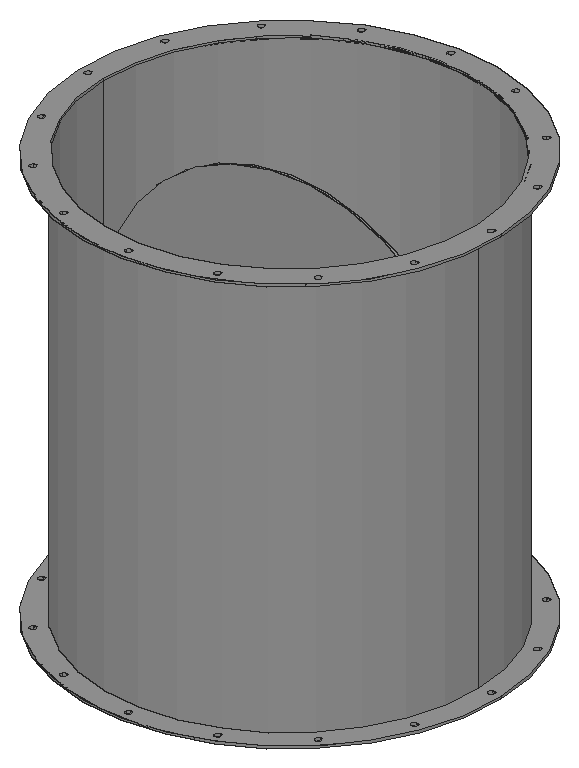
Revit family "VRV1-AF", category Арматура воздуховодов, Revit 2021
Family settings
  Размер круглого соединителя = Использовать диаметр
  Тип детали = Присоединяется
  На основе рабочей плоскости = Нет
  Всегда вертикально = Да
  При загрузке вырезать с полостями = Нет
  Общий = Нет
Parameters (values of type "VRV1-AF-900")
  Weight = 53.70 kg
  Load Classification = "HVAC"  # constant formula
  Length = L  # 1000 mm
  E1 = 830 mm
  Diameter = D2  # 1015 mm
  Отметка по умолчанию = 0 mm
  Casing Material = Metal, painted, grey, matt RAL 7040
  Manufacturer = "BLAUBERG "  # constant formula
  t = L - 5 mm  # 995 mm
  n = 16
  l = L / 2  # 500 mm
  d = 15 mm
  URL = ""
  R1 = D1 / 2  # 485 mm
  Maintenance zone material = none
  L = 1000 mm
  Dy = 900 mm
  Dn = Dy + 10 mm  # 910 mm
  D2 = 1015 mm
  D1 = 970 mm
  A = 1135 mm
  09_System_Name [instance] = ""
  00_20_Type = "VRV1-AF-900"
  00_20_Name = "Backdraft damper"  # constant formula
  00_20_Manufacturer = "BLAUBERG"  # constant formula
Types (12, lengths in mm): name | Weight | Length | Diameter | t | n | l | d | R1 | L | Dy | Dn | D2 | D1 | 00_20_Type
  (no name) | 53.70 kg | 1000 | 1015 | 995 | 16 | 500 | 15 | 485 | 1000 | 900 | 910 | 1015 | 970 | "VRV1-AF-900"
  VRV1-AF-400 | 8.10 kg | 500 | 490 | 495 | 12 | 250 | 8 | 225.045 | 500 | 400 | 410 | 490 | 450.09 | "VRV1-AF-400"
  VRV1-AF-450 | 9.80 kg | 550 | 540 | 545 | 12 | 275 | 8 | 250 | 550 | 450 | 460 | 540 | 500 | "VRV1-AF-450"
  VRV1-AF-500 | 14.40 kg | 600 | 600 | 595 | 12 | 300 | 12 | 280 | 600 | 500 | 510 | 600 | 560 | "VRV1-AF-500"
  VRV1-AF-560 | 17.50 kg | 660 | 660 | 655 | 12 | 330 | 12 | 310 | 660 | 560 | 570 | 660 | 620 | "VRV1-AF-560"
  VRV1-AF-630 | 21.40 kg | 730 | 730 | 725 | 12 | 365 | 12 | 345 | 730 | 630 | 640 | 730 | 690 | "VRV1-AF-630"
  VRV1-AF-710 | 26.80 kg | 810 | 810 | 805 | 16 | 405 | 12 | 385 | 810 | 710 | 720 | 810 | 770 | "VRV1-AF-710"
  VRV1-AF-800 | 33.20 kg | 900 | 900 | 895 | 16 | 450 | 12 | 430 | 900 | 800 | 810 | 900 | 860 | "VRV1-AF-800"
  VRV1-AF-900 | 53.70 kg | 1000 | 1015 | 995 | 16 | 500 | 15 | 485 | 1000 | 900 | 910 | 1015 | 970 | "VRV1-AF-900"
  VRV1-AF-1000 | 65.00 kg | 1100 | 1115 | 1095 | 16 | 550 | 15 | 535 | 1100 | 1000 | 1010 | 1115 | 1070 | "VRV1-AF-1000"
  VRV1-AF-1120 | 82.10 kg | 1220 | 1270 | 1215 | 20 | 610 | 15 | 595 | 1220 | 1120 | 1130 | 1270 | 1190 | "VRV1-AF-1120"
  VRV1-AF-1250 | 100.30 kg | 1350 | 1400 | 1345 | 20 | 675 | 15 | 660 | 1350 | 1250 | 1260 | 1400 | 1320 | "VRV1-AF-1250"
Reference planes
  plane 1 "По центру (Вперед/Назад)": y = 0
  plane 2: z = 0
  plane 3 "По центру (Влево/Вправо)": x = 0
  plane 4: z = 1000
Forms (mm)
  Extrusion 1, solid, material "Metal, painted, grey, matt RAL 7040" <- "Casing Material"
    sketch origin (0, 0, 0) x (1, 0, 0) y (0, 1, 0)
      loop
        circle (0, 0) r 450
      loop
        circle (0, 0) r 507.5
    from 0 to 5
  Extrusion 2, void
    sketch origin (0, 263.787, 0) x (1, 0, 0) y (0, 1, 0)
      loop
        circle (0, 221.213) r 7.5
    from 0 to 5
  Extrusion 3, void
    sketch origin (100.947, 243.708, 0) x (0.92388, -0.382683, 0) y (0.382683, 0.92388, 0)
      loop
        circle (0, 221.213) r 7.5
    from 0 to 5
  Extrusion 4, void
    sketch origin (-100.947, 243.708, 0) x (0.92388, 0.382683, 0) y (-0.382683, 0.92388, 0)
      loop
        circle (0, 221.213) r 7.5
    from 0 to 5
  Extrusion 5, void
    sketch origin (-186.526, 186.526, 0) x (0.707107, 0.707107, 0) y (-0.707107, 0.707107, 0)
      loop
        circle (0, 221.213) r 7.5
    from 0 to 5
  Extrusion 6, void
    sketch origin (-243.708, 100.947, 0) x (0.382683, 0.92388, 0) y (-0.92388, 0.382683, 0)
      loop
        circle (0, 221.213) r 7.5
    from 0 to 5
  Extrusion 7, void
    sketch origin (-263.787, 0, 0) x (0, 1, 0) y (-1, 0, 0)
      loop
        circle (0, 221.213) r 7.5
    from 0 to 5
  Extrusion 8, void
    sketch origin (-243.708, -100.947, 0) x (-0.382683, 0.92388, 0) y (-0.92388, -0.382683, 0)
      loop
        circle (0, 221.213) r 7.5
    from 0 to 5
  Extrusion 9, void
    sketch origin (-186.526, -186.526, 0) x (-0.707107, 0.707107, 0) y (-0.707107, -0.707107, 0)
      loop
        circle (0, 221.213) r 7.5
    from 0 to 5
  Extrusion 10, void
    sketch origin (-100.947, -243.708, 0) x (-0.92388, 0.382683, 0) y (-0.382683, -0.92388, 0)
      loop
        circle (0, 221.213) r 7.5
    from 0 to 5
  Extrusion 11, void
    sketch origin (0, -263.787, 0) x (-1, 0, 0) y (0, -1, 0)
      loop
        circle (0, 221.213) r 7.5
    from 0 to 5
  Extrusion 12, void
    sketch origin (100.947, -243.708, 0) x (-0.92388, -0.382683, 0) y (0.382683, -0.92388, 0)
      loop
        circle (0, 221.213) r 7.5
    from 0 to 5
  Extrusion 13, void
    sketch origin (186.526, -186.526, 0) x (-0.707107, -0.707107, 0) y (0.707107, -0.707107, 0)
      loop
        circle (0, 221.213) r 7.5
    from 0 to 5
  Extrusion 14, solid, material "Metal, painted, grey, matt RAL 7040" <- "Casing Material"
    sketch origin (0, 0, 0) x (1, 0, 0) y (0, 1, 0)
      loop
        circle (0, 0) r 450
      loop
        circle (0, 0) r 455
    from 5 to 995 <- "t"
  Extrusion 15, solid, material "Metal, painted, grey, matt RAL 7040" <- "Casing Material"
    sketch origin (0, 0, 0) x (1, 0, 0) y (0, 1, 0)
      loop
        circle (0, 0) r 450
      loop
        circle (0, 0) r 507.5
    from 995 to 1000
  Extrusion 16, void
    sketch origin (0, 263.053, 0) x (1, 0, 0) y (0, 1, 0)
      loop
        circle (0, 221.947) r 7.5
    from 995 <- "t" to 1000 <- "L"
  Extrusion 17, void
    sketch origin (100.666, 243.03, 0) x (0.92388, -0.382683, 0) y (0.382683, 0.92388, 0)
      loop
        circle (0, 221.947) r 7.5
    from 995 <- "t" to 1000 <- "L"
  Extrusion 18, void
    sketch origin (-100.666, 243.03, 0) x (0.92388, 0.382683, 0) y (-0.382683, 0.92388, 0)
      loop
        circle (0, 221.947) r 7.5
    from 995 <- "t" to 1000 <- "L"
  Extrusion 19, void
    sketch origin (-186.007, 186.007, 0) x (0.707107, 0.707107, 0) y (-0.707107, 0.707107, 0)
      loop
        circle (0, 221.947) r 7.5
    from 995 <- "t" to 1000 <- "L"
  Extrusion 20, void
    sketch origin (-243.03, 100.666, 0) x (0.382683, 0.92388, 0) y (-0.92388, 0.382683, 0)
      loop
        circle (0, 221.947) r 7.5
    from 995 <- "t" to 1000 <- "L"
  Extrusion 21, void
    sketch origin (-263.053, 0, 0) x (0, 1, 0) y (-1, 0, 0)
      loop
        circle (0, 221.947) r 7.5
    from 995 <- "t" to 1000 <- "L"
  Extrusion 22, void
    sketch origin (-243.03, -100.666, 0) x (-0.382683, 0.92388, 0) y (-0.92388, -0.382683, 0)
      loop
        circle (0, 221.947) r 7.5
    from 995 <- "t" to 1000 <- "L"
  Extrusion 23, void
    sketch origin (-186.007, -186.007, 0) x (-0.707107, 0.707107, 0) y (-0.707107, -0.707107, 0)
      loop
        circle (0, 221.947) r 7.5
    from 995 <- "t" to 1000 <- "L"
  Extrusion 24, void
    sketch origin (-100.666, -243.03, 0) x (-0.92388, 0.382683, 0) y (-0.382683, -0.92388, 0)
      loop
        circle (0, 221.947) r 7.5
    from 995 <- "t" to 1000 <- "L"
  Extrusion 25, void
    sketch origin (0, -263.053, 0) x (-1, 0, 0) y (0, -1, 0)
      loop
        circle (0, 221.947) r 7.5
    from 995 <- "t" to 1000 <- "L"
  Extrusion 26, void
    sketch origin (100.666, -243.03, 0) x (-0.92388, -0.382683, 0) y (0.382683, -0.92388, 0)
      loop
        circle (0, 221.947) r 7.5
    from 995 <- "t" to 1000 <- "L"
  Extrusion 27, void
    sketch origin (186.007, -186.007, 0) x (-0.707107, -0.707107, 0) y (0.707107, -0.707107, 0)
      loop
        circle (0, 221.947) r 7.5
    from 995 <- "t" to 1000 <- "L"
  Extrusion 28, solid, material "Metal, painted, grey, matt RAL 7040" <- "Casing Material"
    sketch origin (0, 0, 0) x (1, 0, 0) y (0, 0, 1)
      loop
        line (-450, 500) -> (450, 500)
        arc (450, 500) -> (0, 950) -> (-450, 500) r 450
    from 2.5 to -2.5
  Extrusion 29, solid, material "Metal, painted, grey, matt RAL 7040" <- "Casing Material"
    sketch origin (0, 0, 0) x (1, 0, 0) y (0, 0, 1)
      loop
        arc (-450, 500) -> (0, 50) -> (450, 500) r 450
        line (450, 500) -> (-450, 500)
    from 2.5 to -2.5
  Extrusion 30, void
    sketch origin (243.708, -100.947, 0) x (-0.382683, -0.92388, 0) y (0.92388, -0.382683, 0)
      loop
        circle (0, 221.213) r 7.5
    from 0 to 5
  Extrusion 31, void
    sketch origin (263.787, 0, 0) x (0, -1, 0) y (1, 0, 0)
      loop
        circle (0, 221.213) r 7.5
    from 0 to 5
  Extrusion 32, void
    sketch origin (243.708, 100.947, 0) x (0.382683, -0.92388, 0) y (0.92388, 0.382683, 0)
      loop
        circle (0, 221.213) r 7.5
    from 0 to 5
  Extrusion 33, void
    sketch origin (186.526, 186.526, 0) x (0.707107, -0.707107, 0) y (0.707107, 0.707107, 0)
      loop
        circle (0, 221.213) r 7.5
    from 0 to 5
  Extrusion 34, void
    sketch origin (243.03, -100.666, 0) x (-0.382683, -0.92388, 0) y (0.92388, -0.382683, 0)
      loop
        circle (0, 221.947) r 7.5
    from 995 <- "t" to 1000 <- "L"
  Extrusion 35, void
    sketch origin (263.053, 0, 0) x (0, -1, 0) y (1, 0, 0)
      loop
        circle (0, 221.947) r 7.5
    from 995 <- "t" to 1000 <- "L"
  Extrusion 36, void
    sketch origin (243.03, 100.666, 0) x (0.382683, -0.92388, 0) y (0.92388, 0.382683, 0)
      loop
        circle (0, 221.947) r 7.5
    from 995 <- "t" to 1000 <- "L"
  Extrusion 37, void
    sketch origin (186.007, 186.007, 0) x (0.707107, -0.707107, 0) y (0.707107, 0.707107, 0)
      loop
        circle (0, 221.947) r 7.5
    from 995 <- "t" to 1000 <- "L"
Cuts and joins
  Extrusion 2, Extrusion 3, Extrusion 4, Extrusion 5, Extrusion 6, Extrusion 7, Extrusion 8, Extrusion 9, Extrusion 10, Extrusion 11, Extrusion 12, Extrusion 13, Extrusion 30, Extrusion 31, Extrusion 32, Extrusion 33 cuts Extrusion 1
  Extrusion 16, Extrusion 17, Extrusion 18, Extrusion 19, Extrusion 20, Extrusion 21, Extrusion 22, Extrusion 23, Extrusion 24, Extrusion 25, Extrusion 26, Extrusion 27, Extrusion 34, Extrusion 35, Extrusion 36, Extrusion 37 cuts Extrusion 15
Dimensions and locks
  "L": level to plane 4
  locked: Extrusion 1 to Extrusion 1 at 5
  locked: Extrusion 15 to Extrusion 15 at 5
  "l": Extrusion 28 sketch curve to level
  equal spacing: level, Extrusion 29 sketch curve, plane 4
  "Dy": diameter of Extrusion 1 sketch curve
  "D2": diameter of Extrusion 1 sketch curve
  "d": diameter of Extrusion 2 sketch curve
  "d": diameter of Extrusion 3 sketch curve
  "d": diameter of Extrusion 4 sketch curve
  "d": diameter of Extrusion 5 sketch curve
  "d": diameter of Extrusion 6 sketch curve
  "d": diameter of Extrusion 7 sketch curve
  "d": diameter of Extrusion 8 sketch curve
  "d": diameter of Extrusion 9 sketch curve
  "d": diameter of Extrusion 10 sketch curve
  "d": diameter of Extrusion 11 sketch curve
  "d": diameter of Extrusion 12 sketch curve
  "d": diameter of Extrusion 13 sketch curve
  "R1": radius of radial array  (x2)
  "Dn": diameter of Extrusion 14 sketch curve
  "Dy": diameter of Extrusion 14 sketch curve
  "Dy": diameter of Extrusion 15 sketch curve
  "D2": diameter of Extrusion 15 sketch curve
  "d": diameter of Extrusion 16 sketch curve
  "d": diameter of Extrusion 17 sketch curve
  "d": diameter of Extrusion 18 sketch curve
  "d": diameter of Extrusion 19 sketch curve
  "d": diameter of Extrusion 20 sketch curve
  "d": diameter of Extrusion 21 sketch curve
  "d": diameter of Extrusion 22 sketch curve
  "d": diameter of Extrusion 23 sketch curve
  "d": diameter of Extrusion 24 sketch curve
  "d": diameter of Extrusion 25 sketch curve
  "d": diameter of Extrusion 26 sketch curve
  "d": diameter of Extrusion 27 sketch curve
  "Dy": diameter of Extrusion 28 sketch curve
  "Dy": diameter of Extrusion 29 sketch curve
  "d": diameter of Extrusion 30 sketch curve
  "d": diameter of Extrusion 31 sketch curve
  "d": diameter of Extrusion 32 sketch curve
  "d": diameter of Extrusion 33 sketch curve
  "d": diameter of Extrusion 34 sketch curve
  "d": diameter of Extrusion 35 sketch curve
  "d": diameter of Extrusion 36 sketch curve
  "d": diameter of Extrusion 37 sketch curve
  aligned and locked: level to plane 2
  aligned and locked: Extrusion 14 to cut or joined group 1 (Extrusion 1, Extrusion 2, Extrusion 3, Extrusion 4, Extrusion 5, Extrusion 6, Extrusion 7, Extrusion 8, Extrusion 9, Extrusion 10, Extrusion 11, Extrusion 12, Extrusion 13, Extrusion 30, Extrusion 31, Extrusion 32, Extrusion 33)
  aligned and locked: plane 4 to Extrusion 15
Automatic sketch dimensions
  Extrusion 1 sketch curve to Extrusion 1 sketch curve = 0 mm  (x2)
  plane 1 "По центру (Вперед/Назад)" to Extrusion 1 sketch curve = 0 mm
  Extrusion 1 sketch curve to plane 3 "По центру (Влево/Вправо)" = 0 mm
  Extrusion 14 sketch curve to Extrusion 14 sketch curve = 0 mm  (x2)
  plane 1 "По центру (Вперед/Назад)" to Extrusion 14 sketch curve = 0 mm
  Extrusion 14 sketch curve to plane 3 "По центру (Влево/Вправо)" = 0 mm
  Extrusion 15 sketch curve to Extrusion 15 sketch curve = 0 mm  (x2)
  plane 1 "По центру (Вперед/Назад)" to Extrusion 15 sketch curve = 0 mm
  Extrusion 15 sketch curve to plane 3 "По центру (Влево/Вправо)" = 0 mm
  Extrusion 28 sketch curve to plane 3 "По центру (Влево/Вправо)" = 0 mm
  Extrusion 29 sketch curve to plane 3 "По центру (Влево/Вправо)" = 0 mm
Connectors
  hvac at (0, 0, 0), driven by "Dy"
    settings: on cut or joined group 1, index 2, duct flow 0.0 L/s, flow factor 0, pres drop 0.0 Pa, loss coef 0, conn angle 0.00°, conn width 304.8 mm, conn height 304.8 mm, conn diameter 900 mm, duct sys type 3, conn prof type 0, flow config 0, flow direction 0, loss method 0, conn ref index -1, conn util no, is conn primary yes, conn desc ""
  hvac at (0, 0, 1000), driven by "Dy"
    settings: on cut or joined group of Extrusion 15, Extrusion 16, Extrusion 17, Extrusion 18, Extrusion 19, Extrusion 20, Extrusion 21, Extrusion 22, Extrusion 23, Extrusion 24, Extrusion 25, Extrusion 26, Extrusion 27, Extrusion 34, Extrusion 35, Extrusion 36, Extrusion 37, index 3, duct flow 0.0 L/s, flow factor 0, pres drop 0.0 Pa, loss coef 0, conn angle 0.00°, conn width 304.8 mm, conn height 304.8 mm, conn diameter 900 mm, duct sys type 3, conn prof type 0, flow config 0, flow direction 0, loss method 0, conn ref index -1, conn util no, is conn primary no, conn desc ""
